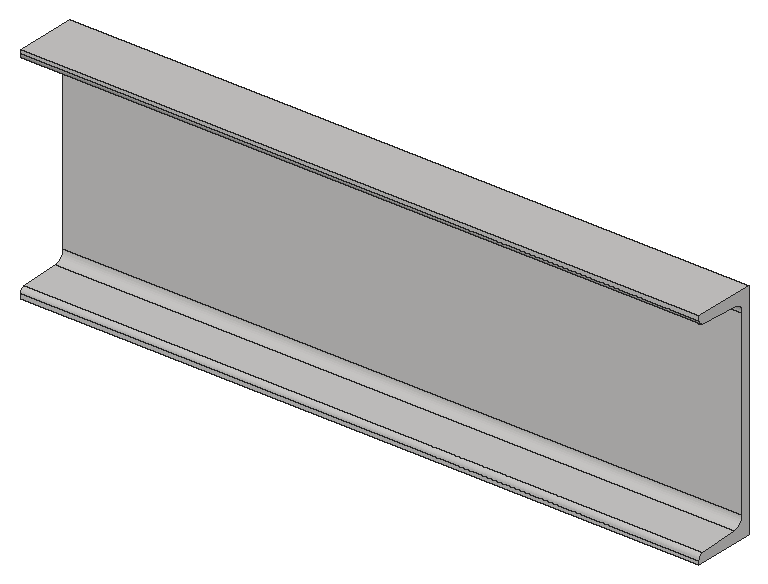
Revit family "NLRS_28_SFR_UNP", category Structural Framing, Revit 2020
Family settings
  Structural Framing Length Roundoff = 0.10 mm
  Section Shape = C-channel Sloped Flange
  Material for Model Behavior = Steel
  Always export as geometry = No
  Code Name = DIN1026-1:2009; NF A 45-202
  Always vertical = Yes
  Cut with Voids When Loaded = No
  Symbolic Representation = From Project Settings
  Shared = No
  Show family pre-cut in plan views = Yes
Parameters (values of type "UNP400")
  Width = 110.00 mm
  Web Thickness = 14 mm
  Web Fillet = 18 mm
  Warping Constant = (empty or 0)
  Torsional Moment of Inertia = 0 cm⁴
  Structural Material [instance] = h3_Structural Steel - S235
  Sloped Flange Angle = 2.86°
  Section Name Key = "UPN 400"
  Section Area = 91.5 cm²
  Plastic Modulus weak axis = 0 cm³
  Plastic Modulus strong axis = 0 cm³
  Perimeter = 3.8714 (stored number, unit not read)
  Nominal Weight = 704.11 N/m
  Moment of Inertia weak axis = 846 cm⁴
  Moment of Inertia strong axis = 20350 cm⁴
  Height = 400.00 mm
  Flange Thickness Location = 48 mm
  Flange Thickness = 18 mm
  Flange Fillet = 9 mm
  Elastic Modulus weak axis = 102 cm³
  Elastic Modulus strong axis = 1020 cm³
  Centroid Vertical = Height / 2  # 200 mm
  Centroid Horizontal = 26.50 mm
  Bolt Spacing = 67 mm
  Assembly Code = "2B(28.10)"
  Length [instance] = 1500.00 mm
Types (16, lengths in mm): name | Width | Web Thickness | Web Fillet | Sloped Flange Angle | Section Name Key | Section Area | Perimeter | Nominal Weight | Moment of Inertia weak axis | Moment of Inertia strong axis | Height | Flange Thickness Location | Flange Thickness | Flange Fillet | Elastic Modulus weak axis | Elastic Modulus strong axis | Centroid Vertical | Centroid Horizontal | Bolt Spacing
  UNP400 | 110.00 | 14 | 18 | 2.86° | "UPN 400" | 91.5 cm² | 3.8714 (stored number, unit not read) | 704.11 N/m | 846 cm⁴ | 20350 cm⁴ | 400.00 | 48 | 18 | 9 | 102 cm³ | 1020 cm³ | 200 | 26.50 | 67
  UNP380 | 102.00 | 13.5 | 16 | 2.86° | "UPN 380" | 80.4 cm² | 3.6417 (stored number, unit not read) | 618.8 N/m | 615 cm⁴ | 15760 cm⁴ | 380.00 | 44.25 | 16 | 8 | 78.7 cm³ | 829 cm³ | 190 | 23.80 | 65
  UNP350 | 100.00 | 14 | 16 | 2.86° | "UPN 350" | 77.3 cm² | 3.4449 (stored number, unit not read) | 594.28 N/m | 570 cm⁴ | 12840 cm⁴ | 350.00 | 43 | 16 | 8 | 75 cm³ | 734 cm³ | 175 | 24.00 | 65
  UNP320 | 100.00 | 14 | 17.5 | 2.86° | "UPN 320" | 75.8 cm² | 3.2218 (stored number, unit not read) | 583.49 N/m | 597 cm⁴ | 10870 cm⁴ | 320.00 | 43 | 17.5 | 8.75 | 80.6 cm³ | 679 cm³ | 160 | 26.00 | 63
  UNP280 | 95.00 | 10 | 15 | 4.57° | "UPN 280" | 53.3 cm² | 2.9199 (stored number, unit not read) | 409.92 N/m | 399 cm⁴ | 6280 cm⁴ | 280.00 | 47.5 | 15 | 7.5 | 57.2 cm³ | 448 cm³ | 140 | 25.30 | 60
  UNP260 | 90.00 | 10 | 14 | 4.57° | "UPN 260" | 48.3 cm² | 2.7362 (stored number, unit not read) | 371.67 N/m | 317 cm⁴ | 4820 cm⁴ | 260.00 | 45 | 14 | 7 | 47.7 cm³ | 371 cm³ | 130 | 23.60 | 56
  UNP240 | 85.00 | 9.5 | 13 | 4.57° | "UPN 240" | 42.3 cm² | 2.5427 (stored number, unit not read) | 325.58 N/m | 248 cm⁴ | 3600 cm⁴ | 240.00 | 42.5 | 13 | 6.5 | 39.6 cm³ | 300 cm³ | 120 | 22.30 | 54
  UNP220 | 80.00 | 9 | 12.5 | 4.57° | "UPN 220" | 37.4 cm² | 2.3556 (stored number, unit not read) | 288.31 N/m | 197 cm⁴ | 2690 cm⁴ | 220.00 | 40 | 12.5 | 6.5 | 33.6 cm³ | 245 cm³ | 110 | 21.40 | 47
  UNP200 | 75.00 | 8.5 | 11.5 | 4.57° | "UPN 200" | 32.2 cm² | 2.1686 (stored number, unit not read) | 248.11 N/m | 148 cm⁴ | 1910 cm⁴ | 200.00 | 37.5 | 11.5 | 6 | 27 cm³ | 191 cm³ | 100 | 20.10 | 46
  UNP180 | 70.00 | 8 | 11 | 4.57° | "UPN 180" | 28.0 cm² | 2.0046 (stored number, unit not read) | 215.75 N/m | 114 cm⁴ | 1350 cm⁴ | 180.00 | 35 | 11 | 5.5 | 22.4 cm³ | 150 cm³ | 90 | 19.20 | 45
  UNP160 | 65.00 | 7.5 | 10.5 | 4.57° | "UPN 160" | 24.0 cm² | 1.7913 (stored number, unit not read) | 184.36 N/m | 85.3 cm⁴ | 925 cm⁴ | 160.00 | 32.5 | 10.5 | 5.5 | 18.3 cm³ | 116 cm³ | 80 | 18.40 | 43
  UNP140 | 60.00 | 7 | 10 | 4.57° | "UPN 140" | 20.4 cm² | 1.6043 (stored number, unit not read) | 156.91 N/m | 62.7 cm⁴ | 605 cm⁴ | 140.00 | 30 | 10 | 5 | 14.8 cm³ | 86.4 cm³ | 70 | 17.50 | 37
  UNP120 | 55.00 | 7 | 9 | 4.57° | "UPN120" | 17.0 cm² | 1.4239 (stored number, unit not read) | 131.41 N/m | 43.2 cm⁴ | 364 cm⁴ | 120.00 | 27.5 | 9 | 4.5 | 11.1 cm³ | 60.7 cm³ | 60 | 16.00 | 37
  UNP100 | 50.00 | 6 | 8.5 | 4.57° | "UPN100" | 13.5 cm² | 1.2205 (stored number, unit not read) | 103.95 N/m | 29.3 cm⁴ | 206 cm⁴ | 100.00 | 25 | 8.5 | 4.5 | 8.49 cm³ | 41.2 cm³ | 50 | 15.50 | 36
  UNP80 | 45.00 | 6 | 8 | 4.57° | "UPN80" | 11.0 cm² | 1.0236 (stored number, unit not read) | 84.729 N/m | 19.4 cm⁴ | 106 cm⁴ | 80.00 | 22.5 | 8 | 4 | 6.36 cm³ | 26.5 cm³ | 40 | 14.50 | 0
  UNP300 | 100.00 | 10 | 16 | 4.57° | "UPN 300" | 58.8 cm² | 3.1168 (stored number, unit not read) | 453.07 N/m | 495 cm⁴ | 8030 cm⁴ | 300.00 | 50 | 16 | 8 | 67.8 cm³ | 535 cm³ | 150 | 27.00 | 61
Reference planes
  plane 1 "Center (Front/Back)": y = 0
  plane 2: z = 0
  plane 3 "Center (Left/Right)": x = 4.61
  plane 4 "Member Left": x = -604.99
  plane 5 "Member Right": x = 614.21
  plane 6 "Top": z = 200
  plane 7: z = -200
  plane 8 "Right": x = 766.61
  plane 9 "Left": x = -733.39
  plane 10: y = 26.5
  plane 11: y = -83.5
Forms (mm)
  Sweep 1, solid, material "h3_Structural Steel - S235" <- "Structural Material", detail levels medium
    path origin (0, 0, 0) x (1, 0, 0) y (0, 1, 0)
      loop
        line (-604.99, 0) -> (614.21, 0)
    profile "C-Shape-Profile-Medium : C-Shape-Profile-Medium" origin (4.61, 0, 0) x (0, 1, 0) y (0, 0, 1)
      loop
        line (-83.5, 200) -> (-83.5, 184.398) -> (-35.5, 182) -> (12.5, 179.602) -> (12.5, -179.602) -> (-35.5, -182) -> (-83.5, -184.398) -> (-83.5, -200) -> (26.5, -200) -> (26.5, 200) -> (-83.5, 200)
  Sweep 2, solid, material "h3_Structural Steel - S235" <- "Structural Material", detail levels fine
    path origin (0, 0, 0) x (1, 0, 0) y (0, 1, 0)
      loop
        line (-604.99, 0) -> (614.21, 0)
    profile "C-Shape-Profile-Fine : C-Shape-Profile-Fine" origin (4.61, 0, 0) x (0, 1, 0) y (0, 0, 1)
      loop
        line (-83.5, 200) -> (-83.5, 192.96)
        arc (-83.5, 192.96) -> (-81.021, 186.756) -> (-74.949, 183.971) r 9
        line (-74.949, 183.971) -> (-35.5, 182) -> (-4.602, 180.456)
        arc (-4.602, 180.456) -> (7.542, 174.885) -> (12.5, 162.479) r 18
        line (12.5, 162.479) -> (12.5, -162.479)
        arc (12.5, -162.479) -> (7.542, -174.885) -> (-4.602, -180.456) r 18
        line (-4.602, -180.456) -> (-35.5, -182) -> (-74.949, -183.971)
        arc (-74.949, -183.971) -> (-81.021, -186.756) -> (-83.5, -192.96) r 9
        line (-83.5, -192.96) -> (-83.5, -200) -> (26.5, -200) -> (26.5, 200) -> (-83.5, 200)
Lines and regions (mm)
  symbolic lines, style "Hidden Faces", detail levels medium+fine
    curve 1: line (-604.99, 12.5, 0) -> (614.21, 12.5, 0)
    curve 2: line (-604.99, 0, 184.398) -> (614.21, 0, 184.398)
    curve 3: line (614.21, 0, 179.602) -> (-604.99, 0, 179.602)
    curve 4: line (-604.99, 0, -179.602) -> (614.21, 0, -179.602)
    curve 5: line (614.21, 0, -184.398) -> (-604.99, 0, -184.398)
  symbolic lines, style "Stick Symbols", detail levels coarse
    curve 6: line (-733.39, -83.5, 200) -> (-733.39, 26.5, 200)
    curve 7: line (-733.39, 26.5, 200) -> (-733.39, 26.5, -200)
    curve 8: line (-733.39, 26.5, -200) -> (-733.39, -83.5, -200)
Dimensions and locks
  "Height": plane 7 to plane 6 "Top"
  equal spacing: plane 7, plane 2, plane 6 "Top"
  "Length": plane 9 "Left" to plane 8 "Right"
  "Centroid Horizontal": plane 10 to plane 1 "Center (Front/Back)"
  "Width": plane 10 to plane 11
  aligned and locked: plane 1 "Center (Front/Back)" to Sweep 1 sketch curve
  aligned and locked: plane 1 "Center (Front/Back)" to Sweep 2 sketch curve
  aligned and locked: curve 1 to Sweep 1
  aligned and locked: curve 3 to Sweep 1
  aligned and locked: curve 4 to Sweep 1
  aligned and locked: curve 5 to Sweep 1
  aligned and locked: curve 2 to Sweep 1
  aligned and locked: Sweep 2 to plane 6 "Top"
  aligned and locked: Sweep 2 to plane 10
  aligned and locked: plane 7 to Sweep 2
  aligned and locked: plane 4 "Member Left" to Sweep 1 sketch curve
  aligned and locked: plane 5 "Member Right" to Sweep 1 sketch curve
  aligned and locked: plane 4 "Member Left" to Sweep 2 sketch curve
  aligned and locked: plane 5 "Member Right" to Sweep 2 sketch curve
  aligned and locked: plane 4 "Member Left" to curve 1
  aligned and locked: plane 5 "Member Right" to curve 1
  aligned and locked: plane 4 "Member Left" to curve 2
  aligned and locked: plane 5 "Member Right" to curve 2
  aligned and locked: plane 4 "Member Left" to curve 3
  aligned and locked: plane 5 "Member Right" to curve 3
  aligned and locked: plane 4 "Member Left" to curve 4
  aligned and locked: plane 5 "Member Right" to curve 4
  aligned and locked: plane 4 "Member Left" to curve 5
  aligned and locked: plane 5 "Member Right" to curve 5
  aligned and locked: curve 6 to plane 6 "Top"
  aligned and locked: plane 11 to curve 6
  aligned and locked: curve 7 to plane 10
  aligned and locked: plane 7 to curve 8
  aligned and locked: plane 11 to curve 8
